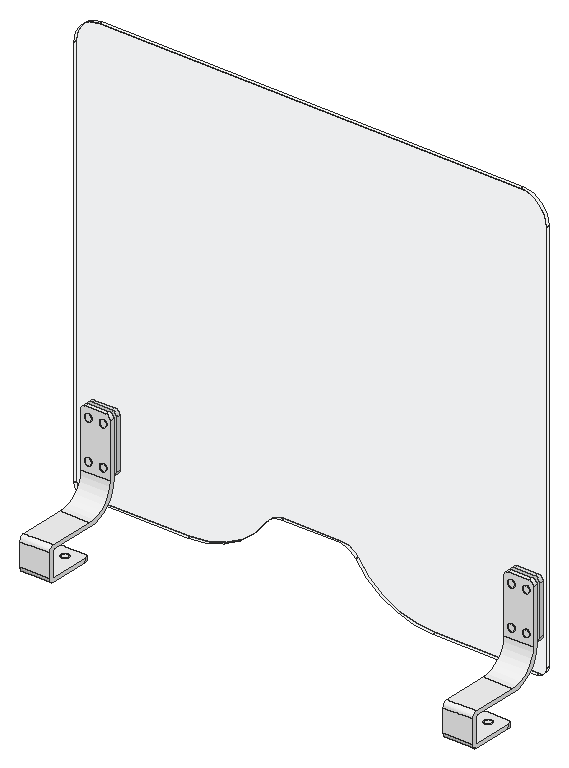
Revit family "Clarus_beShield_Clamp Legs_R18", category Furniture, host Face, Revit 2018
Family settings
  Host = Face
  Cut with Voids When Loaded = No
  Shared = No
  Room Calculation Point = No
Parameters (values of type "48" x 44"")
  Window [instance] = yes
  Width = 48"
  URL = "https://www.clarus.com/"
  TRC Standards [instance] = "http://therevitcollection.com/news/trc-news-the-revit-collection-standards-explained/"
  Shield [instance] = not(Window)  # no
  Product URL = "https://www.clarus.com/be-shield/"
  More Revit Families! [instance] = "www.therevitcollection.com"
  Modeled By = "Commense Studio"  # constant formula
  Model = "be! Shield"  # constant formula
  Manufacturer = "Clarus"  # constant formula
  Leg Finish [instance] = Clarus White
  Glass Depth = 3/8"
  Clarus Glass [instance] = Glass
  Description = "be! Shield is elegantly engineered to add a seamless layer of non-porous, antimicrobial tempered glass to ensure the health and safety of patrons and employees. It’s the perfect solution for the collaborative needs of your workspace."  # constant formula
  Height = 44"
  Designer = ""
  Depth = 12"  # constant formula
  Default Elevation = 0"
  Assembly Code = ""
Types (7): name | Width | Leg Finish | Height
  (no name) | 48" | Clarus White | 44"
  36" x 24" | 36" | Clarus Black | 24"
  48" x 24" | 48" | Clarus White | 24"
  36" x 34" | 36" | Clarus White | 34"
  48" x 34" | 48" | Clarus Black | 34"
  36" x 44" | 36" | Clarus Black | 44"
  48" x 44" | 48" | Clarus White | 44"
Reference planes (in)
  plane 1 "Center (Front/Back)": y = 0
  plane 2: z = 0
  plane 3 "Center (Left/Right)": x = 0
  plane 4 "L": x = -24
  plane 5 "R": x = 24
  plane 6 "B": y = 0.1875
  plane 7 "F": y = -0.1875
  plane 8: z = 44
  plane 9: x = 12.5
  plane 10: x = -12.5
  plane 11: z = 5.25
  plane 12: x = -21.5
  plane 13: x = 21.5
Forms (in)
  Extrusion 1, solid, material "Glass" <- "Clarus Glass", visible <- "Window"
    sketch origin (0, 0, 0) x (1, 0, 0) y (0, 0, 1)
      loop
        arc (-21.375, 44) -> (-23.23116, 43.23116) -> (-24, 41.375) r 2.625
        line (-24, 41.375) -> (-24, 1.25)
        arc (-24, 1.25) -> (-23.70711, 0.54289) -> (-23, 0.25) r 1
        line (-23, 0.25) -> (-12.42908, 0.25)
        arc (-12.42908, 0.25) -> (-7.99968, 1.34581) -> (-4.59213, 4.38043) r 9.5
        arc (-4.59213, 4.38043) -> (-3.87475, 5.0193) -> (-2.94225, 5.25) r 2
        line (-2.94225, 5.25) -> (2.94225, 5.25)
        arc (2.94225, 5.25) -> (3.87475, 5.0193) -> (4.59213, 4.38043) r 2
        arc (4.59213, 4.38043) -> (7.99968, 1.34581) -> (12.42908, 0.25) r 9.5
        line (12.42908, 0.25) -> (23, 0.25)
        arc (23, 0.25) -> (23.70711, 0.54289) -> (24, 1.25) r 1
        line (24, 1.25) -> (24, 41.375)
        arc (24, 41.375) -> (23.23116, 43.23116) -> (21.375, 44) r 2.625
        line (21.375, 44) -> (-21.375, 44)
    from -0.1875 to 0.1875
  Extrusion 2, solid, material "Glass" <- "Clarus Glass", visible <- "Shield"
    sketch origin (0, 0, 0) x (1, 0, 0) y (0, 0, 1)
      loop
        arc (-21.375, 44) -> (-23.23116, 43.23116) -> (-24, 41.375) r 2.625
        line (-24, 41.375) -> (-24, 1.25)
        arc (-24, 1.25) -> (-23.70711, 0.54289) -> (-23, 0.25) r 1
        line (-23, 0.25) -> (23, 0.25)
        arc (23, 0.25) -> (23.70711, 0.54289) -> (24, 1.25) r 1
        line (24, 1.25) -> (24, 41.375)
        arc (24, 41.375) -> (23.23116, 43.23116) -> (21.375, 44) r 2.625
        line (21.375, 44) -> (-21.375, 44)
    from -0.1875 to 0.1875
Dimensions and locks (in)
  equal spacing: plane 4 "L", plane 3 "Center (Left/Right)", plane 5 "R"
  "Width": plane 4 "L" to plane 5 "R"
  equal spacing: plane 7 "F", plane 1 "Center (Front/Back)", plane 6 "B"
  "Glass Depth": plane 7 "F" to plane 6 "B"
  "Height": plane 8 to level
  plane 10 to plane 3 "Center (Left/Right)" to plane 9 = 12 1/2", 12 1/2"
  plane 11 to level = 5 1/4"
  locked: plane 4 "L" to plane 12 at 2.5
  locked: plane 13 to plane 5 "R" at 2.5
  aligned and locked: plane 2 to host face
  aligned and locked: level to host face
  aligned and locked: Extrusion 1 sketch curve to plane 11
  aligned and locked: Extrusion 1 to plane 6 "B"
  aligned and locked: plane 7 "F" to Extrusion 1
  aligned and locked: nested 1 to plane 12
  aligned and locked: plane 13 to nested 2
  aligned and locked: plane 4 "L" to Extrusion 2 sketch curve
  aligned and locked: Extrusion 2 sketch curve to plane 5 "R"
  aligned and locked: Extrusion 2 sketch curve to plane 8
Automatic sketch dimensions
  host sketch curve to host sketch curve = 96"  (x2)
  Extrusion 1 sketch curve to plane 4 "L" = 0"
  Extrusion 1 sketch curve to plane 8 = 0"
  Extrusion 1 sketch curve to plane 5 "R" = 0"
  level to Extrusion 1 sketch curve = 1/4"  (x2)
  plane 4 "L" to Extrusion 1 sketch curve = 1"
  plane 4 "L" to Extrusion 1 sketch curve = 2 5/8"
  Extrusion 1 sketch curve to plane 3 "Center (Left/Right)" = 2.94225"
  plane 3 "Center (Left/Right)" to Extrusion 1 sketch curve = 2.94225"
  Extrusion 1 sketch curve to plane 9 = 0.07092"
  Extrusion 1 sketch curve to Extrusion 1 sketch curve = 2 5/8"
  Extrusion 1 sketch curve to plane 5 "R" = 1"
  Extrusion 1 sketch curve to plane 11 = 2"  (x2)
  plane 11 to Extrusion 1 sketch curve = 4 1/2"  (x2)
  Extrusion 1 sketch curve to plane 10 = 0.07092"
  level to Extrusion 2 sketch curve = 1/4"
  plane 4 "L" to Extrusion 2 sketch curve = 1"
  Extrusion 2 sketch curve to plane 12 = 1/8"
  Extrusion 2 sketch curve to plane 13 = 1/8"
  Extrusion 2 sketch curve to Extrusion 2 sketch curve = 1"
Nested families (in)
  nested 1: "Clarus_beShield_Clamp_R18" at (-21.5, 0.5625, 0), Core Finish <- "Leg Finish", type "Clamp"
    with TRC Standards "http://therevitcollection.com/news/trc-news-the-revit-collection-standards-explained/", More Revit Families! "www.therevitcollection.com", Core Finish Clarus White
  nested 2: "Clarus_beShield_Clamp_R18" at (21.5, 0.5625, 0), Core Finish <- "Leg Finish", type "Clamp"
    with TRC Standards "http://therevitcollection.com/news/trc-news-the-revit-collection-standards-explained/", More Revit Families! "www.therevitcollection.com", Core Finish Clarus White
Definition of nested family "Clarus_beShield_Clamp_R18"
  Parameters (values of type "Clamp")
    Width = 3"  # constant formula
    URL = "https://www.clarus.com/"
    TRC Standards [instance] = "http://therevitcollection.com/news/trc-news-the-revit-collection-standards-explained/"
    Product URL = "https://www.clarus.com/be-shield/"
    More Revit Families! [instance] = "www.therevitcollection.com"
    Modeled By = "Commense Studio"  # constant formula
    Model = "be! Shield"  # constant formula
    Manufacturer = "Clarus"  # constant formula
    Core Finish [instance] = none
    Description = "be! Shield Leg Configs"  # constant formula
    Height = 9"  # constant formula
    Designer = ""
    Depth = 8 7/8"  # constant formula
    Default Elevation = 0"
    Assembly Code = ""
  Reference planes (in)
    plane 1 "Center (Front/Back)": y = 0
    plane 2: z = 0
    plane 3 "Center (Left/Right)": x = 0
    plane 4 "L": x = -1.5
    plane 5 "R": x = 1.5
    plane 6 "F": y = -8.875
    plane 7: z = 9
    plane 8: y = -0.375
    plane 9: y = -0.75
    plane 10: y = -1.125
  Forms (in)
    Extrusion 1, solid
      sketch origin (0, 0, 0) x (1, 0, 0) y (0, 1, 0)
        loop
          line (-48, 48) -> (-48, -48) -> (48, -48) -> (48, 48) -> (-48, 48)
      from 0 to -12
    Extrusion 2, solid, material <- "Core Finish"
      sketch origin (10.61611, 0, 0) x (0, 0, 1) y (0, -1, 0)
        loop
          line (0.375, 3.75) -> (0.375, 8.375)
          arc (0.375, 8.375) -> (0.22855, 8.72855) -> (-0.125, 8.875) r 0.5
          line (-0.125, 8.875) -> (-2.475, 8.875)
          arc (-2.475, 8.875) -> (-2.82856, 8.72855) -> (-2.97501, 8.375) r 0.5
          line (-2.97501, 8.375) -> (-2.97501, 3.86516) -> (-2.6, 3.86516) -> (-2.6, 8.375)
          arc (-2.6, 8.375) -> (-2.56339, 8.46339) -> (-2.475, 8.5) r 0.125
          line (-2.475, 8.5) -> (-0.125, 8.5)
          arc (-0.125, 8.5) -> (-0.03661, 8.46339) -> (0, 8.375) r 0.125
          line (0, 8.375) -> (0, 3.75)
          arc (0, 3.75) -> (0.87868, 1.62868) -> (3, 0.75) r 3
          line (3, 0.75) -> (3, 1.125)
          arc (3, 1.125) -> (1.14385, 1.89384) -> (0.375, 3.75) r 2.625
      from -12.11611 to -9.11611
    Extrusion 3, solid, material <- "Core Finish"
      sketch origin (0, 0, 0) x (1, 0, 0) y (0, 0, 1)
        loop
          arc (-1, 9) -> (-1.35355, 8.85355) -> (-1.5, 8.5) r 0.5
          line (-1.5, 8.5) -> (-1.5, 3.50001)
          arc (-1.5, 3.50001) -> (-1.35355, 3.14645) -> (-1, 3.00001) r 0.5
          line (-1, 3.00001) -> (1, 3.00001)
          arc (1, 3.00001) -> (1.35355, 3.14645) -> (1.5, 3.50001) r 0.5
          line (1.5, 3.50001) -> (1.5, 8.5)
          arc (1.5, 8.5) -> (1.35355, 8.85355) -> (1, 9) r 0.5
          line (1, 9) -> (-1, 9)
      from 0 to 0.375
    Extrusion 4, solid, material <- "Core Finish"
      sketch origin (0, -0.75984, 0) x (1, 0, 0) y (0, 0, 1)
        loop
          arc (-1, 9) -> (-1.35355, 8.85355) -> (-1.5, 8.5) r 0.5
          line (-1.5, 8.5) -> (-1.5, 3.00001) -> (1.5, 3.00001) -> (1.5, 8.5)
          arc (1.5, 8.5) -> (1.35355, 8.85355) -> (1, 9) r 0.5
          line (1, 9) -> (-1, 9)
      from -0.00984 to 0.36516
    Extrusion 5, void
      sketch origin (0, 0, 0) x (1, 0, 0) y (0, 0, 1)
        loop
          circle (-0.75197, 8.00344) r 0.37503
        loop
          circle (-0.75197, 8.00344) r 0.34378
        loop
          circle (0.75197, 8.00344) r 0.37503
        loop
          circle (0.75197, 8.00344) r 0.34378
        loop
          circle (-0.75197, 4.00344) r 0.37503
        loop
          circle (-0.75197, 4.00344) r 0.34378
        loop
          circle (0.75197, 4.00344) r 0.37503
        loop
          circle (0.75197, 4.00344) r 0.34378
      from 0 to 2
    Extrusion 6, void
      sketch origin (0, 0, 0) x (1, 0, 0) y (0, 1, 0)
        loop
          line (-1, -3.86516) -> (-1.5, -3.86516) -> (-1.5, -4.36516)
          arc (-1.5, -4.36516) -> (-1.35355, -4.0116) -> (-1, -3.86516) r 0.5
        loop
          arc (1, -3.86516) -> (1.35355, -4.0116) -> (1.5, -4.36516) r 0.5
          line (1.5, -4.36516) -> (1.5, -3.86516) -> (1, -3.86516)
      from -3 to -2
    Extrusion 7, void
      sketch origin (0, 0.5, 0) x (1, 0, 0) y (0, 1, 0)
        loop
          circle (0, -5.5625) r 0.37503
        loop
          circle (0, -5.5625) r 0.3594
        loop
          circle (0, -8.0625) r 0.37503
        loop
          circle (0, -8.0625) r 0.3594
      from -2.97501 to -2
  Cuts and joins
    Extrusion 5, Extrusion 6, Extrusion 7 cuts Extrusion 2
    Extrusion 5, Extrusion 6, Extrusion 7 cuts Extrusion 4
    joined: Extrusion 2, Extrusion 4
    Extrusion 5 cuts Extrusion 3
  Dimensions and locks (in)
    equal spacing: plane 4 "L", plane 3 "Center (Left/Right)", plane 5 "R"
    "Width": plane 4 "L" to plane 5 "R"
    "Depth": plane 6 "F" to plane 1 "Center (Front/Back)"
    "Height": plane 7 to level
    plane 9 to plane 8 to plane 1 "Center (Front/Back)" = 3/8" locked, 3/8"
    plane 6 "F" to plane 1 "Center (Front/Back)" = 8 7/8"
    aligned and locked: plane 2 to Extrusion 1
    aligned and locked: level to Extrusion 1
    aligned and locked: Extrusion 2 to plane 4 "L"
    aligned and locked: plane 5 "R" to Extrusion 2
    aligned and locked: Extrusion 3 to plane 1 "Center (Front/Back)"
    aligned and locked: plane 8 to Extrusion 3
    aligned and locked: cut or joined group of Extrusion 2, Extrusion 4, Extrusion 5, Extrusion 6, Extrusion 7 to plane 9
    aligned and locked: plane 10 to cut or joined group of Extrusion 2, Extrusion 4, Extrusion 5, Extrusion 6, Extrusion 7
    aligned and locked: plane 8 to cut or joined group of Extrusion 3, Extrusion 5
    aligned and locked: cut or joined group of Extrusion 3, Extrusion 5 to plane 1 "Center (Front/Back)"
  Automatic sketch dimensions
    Extrusion 1 sketch curve to Extrusion 1 sketch curve = 96"  (x2)
    Extrusion 2 sketch curve to plane 6 "F" = 0"
    Extrusion 2 sketch curve to plane 6 "F" = 1/2"
    Extrusion 2 sketch curve to level = 2.97501"
    Extrusion 2 sketch curve to Extrusion 2 sketch curve = 3/8"  (x2)
    Extrusion 2 sketch curve to Extrusion 2 sketch curve = 0"  (x4)
    Extrusion 2 sketch curve to level = 1/8"  (x2)
    level to Extrusion 2 sketch curve = 0"
    Extrusion 2 sketch curve to Extrusion 2 sketch curve = 2 5/8"
    Extrusion 2 sketch curve to plane 9 = 3.11516"
    Extrusion 2 sketch curve to plane 9 = 3"
    Extrusion 2 sketch curve to plane 9 = 3/8"
    Extrusion 3 sketch curve to plane 4 "L" = 0"
    Extrusion 3 sketch curve to plane 7 = 0"
    Extrusion 3 sketch curve to plane 5 "R" = 0"
    plane 4 "L" to Extrusion 3 sketch curve = 1/2"  (x2)
    Extrusion 3 sketch curve to plane 5 "R" = 1/2"
    Extrusion 3 sketch curve to Extrusion 3 sketch curve = 1/2"
    level to Extrusion 3 sketch curve = 3 1/2"
    Extrusion 4 sketch curve to plane 4 "L" = 0"
    Extrusion 4 sketch curve to plane 7 = 0"
    Extrusion 4 sketch curve to plane 5 "R" = 0"
    plane 4 "L" to Extrusion 4 sketch curve = 1/2"
    Extrusion 4 sketch curve to plane 5 "R" = 1/2"
    level to Extrusion 4 sketch curve = 3"
    Extrusion 5 sketch curve to Extrusion 5 sketch curve = 0"  (x9)
    plane 4 "L" to Extrusion 5 sketch curve = 0.74803"  (x2)
    Extrusion 5 sketch curve to plane 5 "R" = 0.74803"  (x2)
    level to Extrusion 5 sketch curve = 4.00344"
    Extrusion 5 sketch curve to plane 7 = 0.99656"  (x2)
    Extrusion 6 sketch curve to plane 4 "L" = 0"  (x2)
    Extrusion 6 sketch curve to plane 5 "R" = 0"  (x2)
    plane 4 "L" to Extrusion 6 sketch curve = 1/2"
    Extrusion 6 sketch curve to plane 5 "R" = 1/2"
    Extrusion 6 sketch curve to plane 9 = 3.61516"
    Extrusion 6 sketch curve to Extrusion 6 sketch curve = 0"  (x5)
    Extrusion 7 sketch curve to Extrusion 7 sketch curve = 0"  (x4)
    Extrusion 7 sketch curve to plane 3 "Center (Left/Right)" = 0"  (x2)
    Extrusion 7 sketch curve to plane 6 "F" = 1 5/16"
    Extrusion 7 sketch curve to Extrusion 7 sketch curve = 2 1/2"
    radius of Extrusion 5 sketch curve = 0.37503"  (x4)
    radius of Extrusion 5 sketch curve = 0.34378"  (x4)
    radius of Extrusion 7 sketch curve = 0.37503"  (x2)
    radius of Extrusion 7 sketch curve = 0.3594"  (x2)
